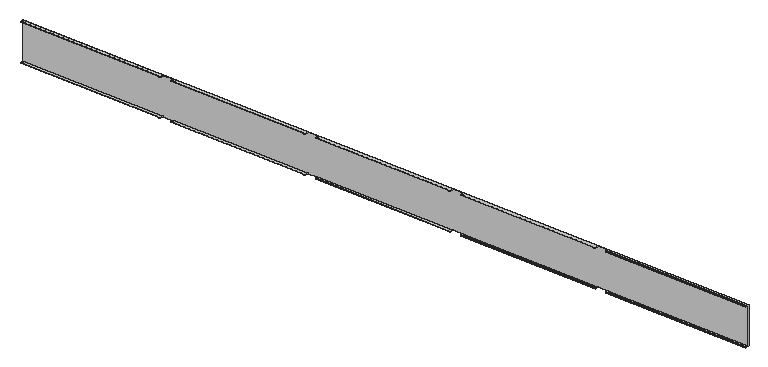
Revit family "Notched Track Backing", category Structural Framing, Revit 2024
Family settings
  Section Shape = C Profile
  Material for Model Behavior = Steel
  Always export as geometry = No
  Always vertical = Yes
  Cut with Voids When Loaded = No
  Symbolic Representation = From Project Settings
  Shared = No
  Show family pre-cut in plan views = Yes
Parameters (values of type "400NT050-162-S24-43")
  r = 0' - 0.035"
  VoidDepth = d + (tf * 2)  # 0' - 6.0904"
  StudSpacing = 2' - 0"
  StudFlange = 0' - 1.62"
  Structural Material [instance] = Metal - Steel - ASTM A992
  Short Tag = ""
  Notches [instance] = roundup((Length - StudSpacing) / StudSpacing)  # 4
  Model = "V2"
  Long Tag = ""
  FSO = StudSpacing - (StudFlange / 2)  # 1' - 11.19"
  EndNotch = StudFlange / 2  # 0' - 0.81"
  ArrayNum [instance] = if(Notches < 2, 2, Notches)  # 4
  A = 0.25 in²
  Assembly Code = "B10"
  Length [instance] = 10' - 0"
  W = 0.85
  bf = 0' - 0 1/2"
  d = 0' - 6"
  tf = 0' - 0.0452"
Types (2): name | VoidDepth | StudFlange | FSO | EndNotch | d | tf
  400NT050-162-S24-43 | 0' - 6.0904" | 0' - 1.62" | 1' - 11.19" | 0' - 0.81" | 0' - 6" | 0' - 0.0452"
  400NT050-125-S24-54 | 0' - 4.1136" | 0' - 1 1/4" | 1' - 11 3/8" | 0' - 0 5/8" | 0' - 4" | 0' - 0.0568"
Reference planes (in)
  plane 1 "Center (Front/Back)": y = -1
  plane 2: z = 0
  plane 3 "Center (Left/Right)": x = 43.6815
  plane 4 "Top": z = 3.0452
  plane 5: z = -3.0452
  plane 6 "Left": x = -28.3185
  plane 7 "Right": x = 91.6815
  plane 8: y = -1.25
  plane 9: y = -0.75
  plane 10: y = -0.7952
  plane 11: z = 3
  plane 12: z = -3
  plane 13: y = -4.5
  plane 14: x = -27.5085
  plane 15: x = 90.8715
  plane 16: x = -4.3185
  plane 17: x = 19.6815
Forms (in)
  Extrusion 1, solid, material "Metal - Steel - ASTM A992" <- "Structural Material", detail levels medium+fine
    sketch origin (-28.3185, 0.02734, 0.16016) x (0, -1, 0) y (0, 0, 1)
      loop
        line (1.27734, 2.88504) -> (0.77734, 2.88504) -> (0.77734, -3.20536) -> (1.27734, -3.20536) -> (1.27734, -3.16016) -> (0.82254, -3.16016) -> (0.82254, 2.83984) -> (1.27734, 2.83984) -> (1.27734, 2.88504)
    from -120 to 0
  Extrusion 2, void, not visible
    sketch origin (0.72263, 0.035, 0) x (1, 0, 0) y (0, 1, 0)
      loop
        line (-7.54113, 0.43) -> (-7.54113, -1.535) -> (-5.54113, -1.535) -> (-5.54113, 0.43) -> (-7.54113, 0.43)
    from -5.78196 to 7.5
  Extrusion 3, void, detail levels coarse
    sketch origin (0, 0, 0) x (1, 0, 0) y (0, 1, 0)
      loop
        line (-27.5085, -0.7952) -> (-28.3185, -0.7952) -> (-28.3185, -4.5) -> (-27.5085, -4.5) -> (-27.5085, -0.7952)
    from -3.0452 to 3
  Extrusion 4, void
    sketch origin (0, 0, 0) x (1, 0, 0) y (0, 1, 0)
      loop
        line (90.8715, -0.7952) -> (90.8715, -4.5) -> (91.6815, -4.5) -> (91.6815, -0.7952) -> (90.8715, -0.7952)
    from -3.0452 to 3
Lines and regions (in)
  model lines, style "BIMSF.Framing", detail levels coarse
    curve 1: line (-28.3185, -1, 0) -> (91.6815, -1, 0)
Dimensions and locks (in)
  "d": plane 12 to plane 11
  equal spacing: plane 5, plane 2, plane 4 "Top"
  "Length": plane 6 "Left" to plane 7 "Right"
  "bf": plane 9 to plane 8
  equal spacing: plane 9, plane 1 "Center (Front/Back)", plane 8
  "tf": plane 4 "Top" to plane 11
  "tf": plane 12 to plane 5
  "tf": plane 9 to plane 10
  "StudSpacing": plane 6 "Left" to plane 16
  "StudSpacing": plane 16 to plane 17
  "EndNotch": plane 6 "Left" to plane 14
  "EndNotch": plane 15 to plane 7 "Right"
  equal spacing: group 2, group 3, group 4, group 5  (x3)
  aligned and locked: Extrusion 1 sketch curve to plane 4 "Top"
  aligned and locked: plane 8 to Extrusion 1 sketch curve  (x2)
  aligned and locked: Extrusion 1 sketch curve to plane 11
  aligned and locked: plane 10 to Extrusion 1 sketch curve
  aligned and locked: plane 12 to Extrusion 1 sketch curve
  aligned and locked: plane 5 to Extrusion 1 sketch curve
  aligned and locked: Extrusion 1 sketch curve to plane 9
  aligned and locked: plane 2 to level
  aligned and locked: Extrusion 1 to plane 7 "Right"
  aligned and locked: plane 6 "Left" to Extrusion 1
  aligned and locked: plane 1 "Center (Front/Back)" to curve 1
  aligned and locked: plane 6 "Left" to curve 1
  aligned and locked: plane 7 "Right" to curve 1
  aligned and locked: plane 14 to Extrusion 3 sketch curve
  aligned and locked: plane 6 "Left" to Extrusion 3 sketch curve
  aligned and locked: Extrusion 3 sketch curve to plane 10
  aligned and locked: Extrusion 3 sketch curve to plane 13
  aligned and locked: plane 15 to Extrusion 4 sketch curve
  aligned and locked: plane 10 to Extrusion 4 sketch curve
  aligned and locked: plane 7 "Right" to Extrusion 4 sketch curve
  aligned and locked: plane 13 to Extrusion 4 sketch curve
  aligned and locked: nested 1 to plane 10
  aligned and locked: plane 16 to nested 1
  aligned and locked: plane 17 to nested 2
  aligned and locked: nested 2 to plane 10
  aligned and locked: Extrusion 3 to Extrusion 1  (x2)
  aligned and locked: Extrusion 4 to Extrusion 1
  aligned and locked: Extrusion 1 to Extrusion 4
Automatic sketch dimensions
  Extrusion 2 sketch curve to Extrusion 2 sketch curve = 0' - 2"
  Extrusion 2 sketch curve to Extrusion 2 sketch curve = 0' - 1.965"
Nested families (in)
  nested 1: "Family4" at (-4.3185, -3.7952, 3.0452) x (0, 1, 0) z (0, 0, 1), type "Family4"
  nested 2: "Family4" at (19.6815, -3.7952, 3.0452) x (0, 1, 0) z (0, 0, 1), type "Family4"
  nested 3: "Family4" at (43.6815, -3.7952, 3.0452) x (0, 1, 0) z (0, 0, 1), type "Family4"
  nested 4: "Family4" at (67.6815, -3.7952, 3.0452) x (0, 1, 0) z (0, 0, 1), type "Family4"
